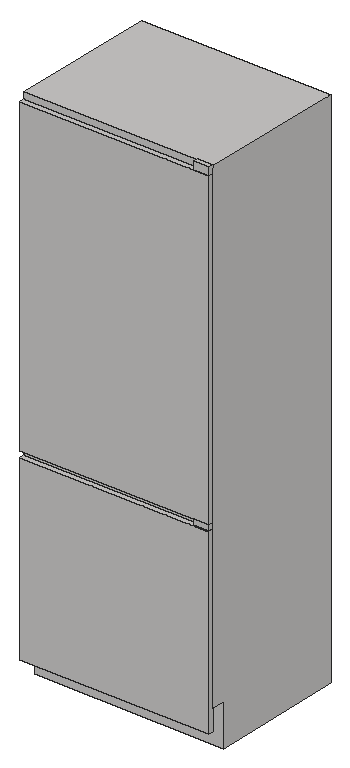
Revit family "RB 472704", category Generic Models, Revit 2014
Parameters (values of type "RB472704")
  Width = 756 mm
  URL = "http://www.gaggenau.com."
  Model = "RB472704"
  Manufacturer = "Gaggenau"
  Height = 2125 mm
  Handle = Metal Panel
  Fridge = Metal Panel
  Door = Metal Panel
  Description = "Gaggenau 30\" Bottom Mount Freezer, LED lighting"
  Depth = 608 mm
Reference planes
  plane 1 "Center (Front/Back)": y = 0
  plane 2: z = 0
  plane 3 "Center (Left/Right)": x = 0
  plane 4: z = 2125
  plane 5: x = -378
  plane 6: x = 378
  plane 7: y = 266.012
  plane 8: y = -341.988
  plane 9: z = 181
  plane 10: z = 102
  plane 11: z = 14.093
  plane 12: z = 824
  plane 13: z = 827
  plane 14: z = 2131
  plane 15: z = 847
  plane 16: z = 2101
  plane 17: y = -268.988
  plane 18: y = -321.988
  plane 19: x = -5
  plane 20: x = 5
  plane 21: x = 317.794
Forms (mm)
  Extrusion 1, solid, material "Metal Panel" <- "Fridge"
    sketch origin (0, 0, 0) x (0, 1, 0) y (0, 0, 1)
      loop
        line (266.012, 2125) -> (-321.988, 2125) -> (-321.988, 181) -> (-268.988, 181) -> (-268.988, 14.093) -> (266.012, 14.093) -> (266.012, 2125)
    from -378 to 378
  Extrusion 2, solid, material "Metal Panel" <- "Door"
    sketch origin (0, 0, 0) x (1, 0, 0) y (0, 0, 1)
      loop
        line (-378, 97.546) -> (378, 97.546) -> (378, 824) -> (-378, 824) -> (-378, 97.546)
      loop
        line (-378, 2101) -> (-378, 847) -> (378, 847) -> (378, 2101) -> (-378, 2101)
    from 321.988 to 341.988
  Extrusion 3, solid, material "Metal Panel" <- "Door"
    sketch origin (0, 0, 0) x (1, 0, 0) y (0, 0, 1)
      loop
        line (378, 2131) -> (317.794, 2131) -> (317.794, 2101) -> (378, 2101) -> (378, 2131)
      loop
        line (378, 847) -> (317.794, 847) -> (317.794, 827) -> (378, 827) -> (378, 847)
    from 321.988 to 341.988
  Extrusion 4, solid, material "Metal Panel" <- "Fridge"
    sketch origin (0, 0, 0) x (1, 0, 0) y (0, 1, 0)
      loop
        circle (-346.403, -159.898) r 11.868
      loop
        circle (-346.403, 159.898) r 11.868
      loop
        circle (346.403, -159.898) r 11.868
      loop
        circle (346.403, 159.898) r 11.868
    from 0 to 14.093
Dimensions and locks
  "Width": plane 5 to plane 6
  plane 7 to plane 8 = 608 mm  (x2)
  plane 4 to plane 2 = 2125 mm
  plane 9 to plane 2 = 181 mm
  plane 10 to plane 2 = 102 mm
  plane 12 to plane 10 = 722 mm
  plane 13 to plane 12 = 3 mm
  plane 14 to plane 13 = 1304 mm
  plane 15 to plane 13 = 20 mm
  plane 14 to plane 16 = 30 mm
  plane 17 to plane 8 = 73 mm
  equal spacing: plane 20, plane 3 "Center (Left/Right)", plane 19
  plane 6 to plane 21 = 60.206 mm
  equal spacing: plane 5, plane 3 "Center (Left/Right)", plane 6
  aligned and locked: level to plane 2
  aligned and locked: plane 5 to Extrusion 1
  aligned and locked: plane 6 to Extrusion 1
  aligned and locked: Extrusion 2 to plane 8
  aligned and locked: Extrusion 2 to Extrusion 1
  aligned and locked: Extrusion 3 to plane 8
  aligned and locked: Extrusion 3 to Extrusion 1
Automatic sketch dimensions
  Extrusion 1 sketch curve to plane 4 = 0 mm
  Extrusion 1 sketch curve to plane 18 = 0 mm
  Extrusion 1 sketch curve to plane 9 = 0 mm
  Extrusion 1 sketch curve to plane 17 = 0 mm
  Extrusion 1 sketch curve to plane 7 = 0 mm
  Extrusion 1 sketch curve to plane 11 = 0 mm
  Extrusion 3 sketch curve to plane 14 = 0 mm
  Extrusion 3 sketch curve to plane 21 = 0 mm
  Extrusion 3 sketch curve to plane 15 = 0 mm
  plane 21 to Extrusion 3 sketch curve = 0 mm
  Extrusion 3 sketch curve to plane 6 = 0 mm  (x2)
  Extrusion 3 sketch curve to plane 16 = 0 mm
  plane 12 to Extrusion 3 sketch curve = 3 mm
  Extrusion 4 sketch curve to plane 5 = 31.597 mm  (x2)
  plane 21 to Extrusion 4 sketch curve = 28.608 mm  (x2)
  Extrusion 4 sketch curve to plane 17 = 109.089 mm  (x2)
  Extrusion 4 sketch curve to plane 7 = 106.114 mm  (x2)
  plane 5 to Extrusion 2 sketch curve = 0 mm  (x2)
  Extrusion 2 sketch curve to plane 6 = 0 mm  (x2)
  Extrusion 2 sketch curve to plane 12 = 0 mm
  Extrusion 2 sketch curve to plane 15 = 0 mm
  Extrusion 2 sketch curve to plane 16 = 0 mm
  Extrusion 2 sketch curve to plane 10 = 4.454 mm
  radius of Extrusion 4 sketch curve = 11.868 mm  (x4)
